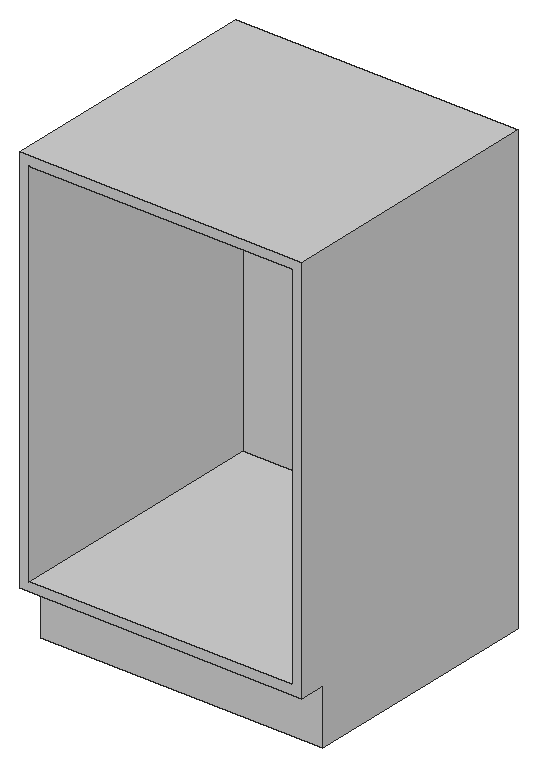
Revit family "WC35", category Specialty Equipment, Revit 2012
Parameters (values of type "Work Counter Unit Open (Default)")
  URL = "http://madixinc.com/store/pharmacy/counters.html"
  Model = "Work Counter"
  Manufacturer = "© 2012 Madix, Inc. All rights reserved."
Reference planes (in)
  plane 1 "Center (Front/Back)": y = 0
  plane 2: z = 0
  plane 3 "Center (Left/Right)": x = 0
  plane 4: x = -12
  plane 5: x = 12
  plane 6: y = 12
  plane 7: y = -12
  plane 8: z = 38
  plane 9: y = -11.875
  plane 10: x = 11.75
  plane 11: x = -11.75
  plane 12: x = -11.25
  plane 13: z = 37.25
  plane 14: z = 26.6667
  plane 15: z = 16.0833
Forms (in)
  Extrusion 1, solid, material "Metal - Steel"
    sketch origin (0, 0, 0) x (0, -1, 0) y (0, 0, -1)
      loop
        line (-12, 0) -> (-12, -38) -> (11, -38) -> (11, -4.75) -> (8.75, -4.75) -> (8.75, 0) -> (-12, 0)
    from -12 to -11.25
  Extrusion 2, solid, material "Metal - Steel"
    sketch origin (0, 0, 0) x (0, -1, 0) y (0, 0, 1)
      loop
        line (-12, 0) -> (8.75, 0) -> (8.75, 4.75) -> (11, 4.75) -> (11, 38) -> (-12, 38) -> (-12, 0)
    from -12 to -11.25
  Extrusion 3, solid, material "Metal - Steel"
    sketch origin (0, 0, 0) x (1, 0, 0) y (0, 1, 0)
      loop
        line (-11.25, 12) -> (-11.25, 11.75) -> (11.25, 11.75) -> (11.25, 12) -> (-11.25, 12)
    from 0 to 38
  Extrusion 4, solid, material "Metal - Steel"
    sketch origin (0, 0, 0) x (1, 0, 0) y (0, 1, 0)
      loop
        line (11.25, -11) -> (11.25, 11.75) -> (-11.25, 11.75) -> (-11.25, -11) -> (11.25, -11)
    from 37.25 to 38
  Extrusion 5, solid, material "Metal - Steel"
    sketch origin (0, 0, 0) x (0, 1, 0) y (0, 0, 1)
      loop
        line (-8.75, 0) -> (11.75, 0) -> (11.75, 5.5) -> (-11, 5.5) -> (-11, 4.75) -> (-8.75, 4.75) -> (-8.75, 0)
    from -11.25 to 11.25
Cuts and joins
  joined: Extrusion 1, Extrusion 2, Extrusion 3, Extrusion 4, Extrusion 5
Dimensions and locks (in)
  aligned and locked: level to plane 2
